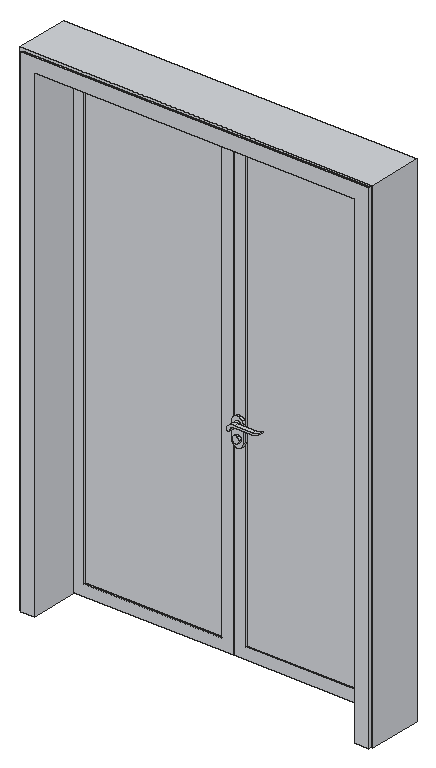
Revit family "Abertura da porta sem revestimento", category Portas, Revit 2019
Family settings
  Hospedeiro = Parede
  Número OmniClass = 23.30.10.00
  Título OmniClass = Doors
  Sempre na vertical = Sim
  Corte com vazios quando carregada = Não
  Compartilhado = Não
  Ponto de cálculo do ambiente = Não
Parameters (values of type "1500 x 2140mm")
  W1 = Espessura da moldura do painel + 6 mm  # 46 mm
  Visual Light Transmittance = 0
  Solar Heat Gain Coefficient = 0
  Rough Width = 1500 mm
  Rough Height = 2140 mm
  Material do painel = none
  Largura da moldura do painel = 50 mm
  Espessura da moldura do painel = 40 mm
  ID do tipo de construção = ""
  Coeficiente de transferência de calor (U) = 3.7021 W/(m²·K)
  Material do puxador = none
  Vidro = none
  Função = Exterior
  Height = Rough Height  # 2140 mm
  Fechamento da parede = Por hospedeiro
  Width = Rough Width  # 1500 mm
  Largura da estrutura = 50 mm
  Material da moldura = none
  Construção analítica = Metal
Types (5, lengths in mm): name | Rough Width | Material do painel | Width
  (no name) | 1500 | none | 1500
  1300 x 2140mm | 1300 | Veneziana | 1300
  1500 x 2140mm | 1500 | none | 1500
  1700 x 2140mm | 1700 | Veneziana | 1700
  1900 x 2140mm | 1900 | Veneziana | 1900
Reference planes
  plane 1: y = 0
  plane 2 "Centro (Esquerda/Direita)": x = 0
  plane 3 "Esquerda": x = -750
  plane 4 "Direita": x = 750
  plane 5: z = 2140
  plane 6 "Exterior": y = 125
  plane 7 "Interior": y = -125
  plane 8: z = 0
  plane 9: x = -700
  plane 10: x = 700
  plane 11: z = 2090
  plane 12: x = -680
  plane 13: x = 680
  plane 14: y = 79
  plane 15: y = -115
  plane 16: x = -740
  plane 17: x = -690
  plane 18: y = 115
Forms (mm)
  Sweep 1, solid, material <- "Material da moldura", detail levels medium
    path origin (0, 0, 0) x (1, 0, 0) y (0, 0, 1)
      loop
        line (-750, 0) -> (-750, 2140) -> (750, 2140) -> (750, 0)
    profile origin (-750, 0, 1070) x (-1, 0, 0) y (0, -1, 0)
      loop
        line (0, -125) -> (0, 125) -> (-50, 125) -> (-50, -125) -> (0, -125)
  Sweep 2, solid, material <- "Material da moldura", detail levels fine
    path origin (0, 125, 0) x (1, 0, 0) y (0, 0, 1)
      loop
        line (-750, 0) -> (-750, 2140) -> (750, 2140) -> (750, 0)
    profile origin (-750, 125, 1070) x (-1, 0, 0) y (0, -1, 0)
      loop
        line (-10, 0) -> (-10, 10) -> (0, 10) -> (0, 240) -> (-10, 240) -> (-10, 250) -> (-70, 250) -> (-70, 46) -> (-60, 46) -> (-60, 0) -> (-10, 0)
Lines and regions (mm)
  Opening 1
    outline origin (-3050, -125, 0) x (1, 0, 0) y (0, 0, 1)
      loop
        line (2300, 0) -> (3800, 0) -> (3800, 2140) -> (2300, 2140) -> (2300, 0)
Text (mm)
  text "Externo" at (-2295.016, 1099.543, 0), in view "Nível de referência"
  text "Externo" at (0, 1615.38, 3698.081), in view "Esquerda"
  text "Externo" at (0, 1036.032, 3874.932), in view "Direita"
Dimensions and locks
  equal spacing: plane 3 "Esquerda", plane 2 "Centro (Esquerda/Direita)", plane 4 "Direita"
  "Width": plane 3 "Esquerda" to plane 4 "Direita"
  "Height": plane 5 to host wall
  host wall to plane 5 = 2140 mm  (x2)
  locked: plane 6 "Exterior" to host wall at 0
  locked: plane 7 "Interior" to host wall
  "Largura da estrutura": plane 3 "Esquerda" to plane 9
  "Largura da estrutura": plane 10 to plane 4 "Direita"
  "Largura da estrutura": plane 11 to plane 5
  locked: plane 9 to plane 12 at 20
  locked: plane 13 to plane 10 at 20
  "W1": plane 14 to plane 6 "Exterior"
  locked: plane 15 to plane 7 "Interior" at 10
  locked: plane 3 "Esquerda" to plane 16 at 10
  equal spacing: plane 9, plane 17, plane 12
  locked: plane 6 "Exterior" to plane 18 at 10
  aligned and locked: plane 3 "Esquerda" to Opening 1 sketch curve
  aligned and locked: plane 5 to Opening 1 sketch curve  (x2)
  aligned and locked: Opening 1 sketch curve to plane 4 "Direita"
  aligned and locked: Opening 1 sketch curve to level
  aligned and locked: plane 1 to host wall
  aligned and locked: level to plane 8
  aligned and locked: plane 2 "Centro (Esquerda/Direita)" to nested 1
  aligned and locked: plane 6 "Exterior" to nested 1
  aligned and locked: nested 1 to plane 8
  aligned and locked: plane 2 "Centro (Esquerda/Direita)" to nested 2
  aligned and locked: nested 2 to plane 6 "Exterior"
  aligned and locked: plane 8 to nested 2
  aligned and locked: Sweep 1 sketch curve to plane 3 "Esquerda"
  aligned and locked: plane 5 to Sweep 1 sketch curve
  aligned and locked: plane 4 "Direita" to Sweep 1 sketch curve
  aligned and locked: Sweep 1 sketch curve to nested 2
  aligned and locked: Sweep 1 sketch curve to host wall  (x2)
  aligned and locked: Sweep 1 sketch curve to plane 9
  aligned and locked: Sweep 2 sketch curve to plane 3 "Esquerda"
  aligned and locked: plane 5 to Sweep 2 sketch curve
  aligned and locked: plane 4 "Direita" to Sweep 2 sketch curve
  aligned and locked: Sweep 2 sketch curve to plane 6 "Exterior"
  aligned and locked: plane 17 to Sweep 2 sketch curve
  aligned and locked: plane 14 to Sweep 2 sketch curve
  aligned and locked: Sweep 2 sketch curve to plane 16  (x2)
  aligned and locked: plane 18 to Sweep 2 sketch curve
  aligned and locked: plane 3 "Esquerda" to Sweep 2 sketch curve
  aligned and locked: plane 12 to Sweep 2 sketch curve
  aligned and locked: Sweep 2 sketch curve to plane 15
  aligned and locked: plane 7 "Interior" to Sweep 2 sketch curve
Automatic sketch dimensions
  Sweep 1 sketch curve to level = 0 mm  (x2)
  Sweep 2 sketch curve to level = 0 mm  (x2)
Nested families
  nested 1: "Veneziana_Painel" at (0, 125, 0), type "Veneziana_Painel"
    with Width 1500 mm, Meia largura 750 mm
  nested 2: "Veneziana_Painel" at (0, 125, 0) x (-1, 0, 0) z (0, 0, 1), type "Veneziana_Painel"
    with Visibilidade do puxador no, Width 1500 mm, Meia largura 750 mm
Definition of nested family "Veneziana_Painel"
  Parameters
    Width = 1300 mm
    W1 = Largura da estrutura + 13 mm  # 63 mm
    Largura da moldura do painel = 50 mm
    Espessura da moldura do painel = 40 mm
    Height = 2140 mm
    Visibilidade do puxador [instance] = yes
    Material do puxador = none
    Meia largura = 0.5 * Width  # 650 mm
    Material do painel = none
    Largura da estrutura = 50 mm
    Material da moldura = none
  Reference planes
    plane 1 "Centro (Frente/Trás)": y = 0
    plane 2: z = 0
    plane 3 "Centro (Esquerda/Direita)": x = 0
    plane 4: x = 650
    plane 5: y = -40
    plane 6: x = 50
    plane 7: x = 600
    plane 8: x = 550
    plane 9: z = 2140
    plane 10: z = 2090
    plane 11: z = 2040
    plane 12: z = 50
    plane 13: x = 600
    plane 14: z = 2090
    plane 15: x = 587
    plane 16: x = 537
    plane 17: y = -3
    plane 18: y = -43
    plane 19: z = 2077
    plane 20: z = 2027
    plane 21: z = 3
    plane 22: z = 53
    plane 23: y = 650
    plane 24: y = 600
    plane 25: y = 50
    plane 26: x = 610
    plane 27: x = 560
    plane 28: y = 600
    plane 29: y = 550
    plane 30: x = 547
    plane 31: y = 587
    plane 32: y = 537
    plane 33: x = 567
    plane 34: x = 555
    plane 35: x = 579
    plane 36: y = -8
    plane 37: y = -32
    plane 38: y = -11
    plane 39: y = -35
    plane 40: x = 618
    plane 41: x = 642
    plane 42: x = 568
    plane 43: x = 592
    plane 44: z = 1070
    plane 45: z = 1045
    plane 46: z = 1040
    plane 47: x = 25
    plane 48: y = -23
    plane 49: z = 900
  Forms (mm)
    Sweep 1, solid, material <- "Material da moldura", detail levels medium
      path origin (0, 0, 0) x (1, 0, 0) y (0, 0, 1)
        loop
          line (0, 2090) -> (0, 0) -> (600, 0) -> (600, 2090) -> (0, 2090)
      profile origin (300, 0, 2090) x (0, 0, 1) y (0, -1, 0)
        loop
          line (0, 0) -> (0, 40) -> (-50, 40) -> (-50, 0) -> (0, 0)
    Extrusion 2, solid, material <- "Material do painel", detail levels medium
      sketch origin (-56.656, -20, 1200) x (-1, 0, 0) y (0, 0, 1)
        loop
          line (-106.656, 840) -> (-606.656, 840) -> (-606.656, -1150) -> (-106.656, -1150) -> (-106.656, 840)
      from -12 to 12
    Sweep 3, solid, material <- "Material da moldura", detail levels coarse
      path origin (0, 0, 0) x (1, 0, 0) y (0, 0, 1)
        loop
          line (0, 2140) -> (0, 0) -> (650, 0) -> (650, 2140) -> (0, 2140)
      profile origin (325, 0, 2140) x (0, 0, 1) y (0, -1, 0)
        loop
          line (0, 40) -> (-50, 40) -> (-50, 0) -> (0, 0) -> (0, 40)
    Extrusion 4, solid, material <- "Material do painel", detail levels coarse
      sketch origin (-56.656, -20, 1200) x (-1, 0, 0) y (0, 0, 1)
        loop
          line (-106.656, 890) -> (-656.656, 890) -> (-656.656, -1150) -> (-106.656, -1150) -> (-106.656, 890)
      from -12 to 12
    Sweep 5, solid, material <- "Material da moldura", detail levels fine
      path origin (0, 0, 0) x (1, 0, 0) y (0, 0, 1)
        loop
          line (0, 2077) -> (0, 3) -> (587, 3) -> (587, 2077) -> (0, 2077)
      profile origin (293.5, 0, 2077) x (0, 0, 1) y (0, -1, 0)
        loop
          line (0, 43) -> (-50, 43) -> (-50, 3) -> (0, 3) -> (0, 43)
    Extrusion 6, solid, material <- "Material do painel", detail levels fine
      sketch origin (-56.656, -23, 1200) x (-1, 0, 0) y (0, 0, 1)
        loop
          line (-106.656, 827) -> (-593.656, 827) -> (-593.656, -1147) -> (-106.656, -1147) -> (-106.656, 827)
      from -12 to 12
  Lines and regions (mm)
    Masking region 1, detail levels coarse
      outline origin (0, 0, 0) x (1, 0, 0) y (0, 1, 0)
        loop
          line (610, 650) -> (610, 0) -> (650, 0) -> (650, 650) -> (610, 650)
    Masking region 2, detail levels medium
      outline origin (0, 0, 0) x (1, 0, 0) y (0, 1, 0)
        loop
          line (600, 600) -> (560, 600) -> (560, 0) -> (600, 0) -> (600, 600)
    Masking region 3, detail levels fine
      outline origin (0, 0, 0) x (1, 0, 0) y (0, 1, 0)
        loop
          line (547, 587) -> (547, 0) -> (587, 0) -> (587, 587) -> (547, 587)
    symbolic lines, detail levels coarse
      curve 1: line (610, 650, 0) -> (650, 650, 0)
      curve 2: line (610, 600, 0) -> (610, 650, 0)
      curve 3: line (650, 600, 0) -> (610, 600, 0)
      curve 4: line (650, 650, 0) -> (650, 600, 0)
      curve 5: line (610, 50, 0) -> (650, 50, 0)
      curve 6: line (610, 0, 0) -> (610, 50, 0)
      curve 7: line (650, 0, 0) -> (610, 0, 0)
      curve 8: line (650, 50, 0) -> (650, 0, 0)
      curve 9: line (610, 600, 0) -> (610, 50, 0)
      curve 10: line (650, 50, 0) -> (650, 600, 0)
      curve 11: arc (650, 650, 0) -> (190.381, 459.619, 0) -> (0, 0, 0) r 650
      curve 38: line (650, 0, 2140) -> (0, 0, 1070)
      curve 39: line (0, 0, 1070) -> (650, 0, 0)
    symbolic lines, detail levels medium
      curve 12: line (560, 50, 0) -> (600, 50, 0)
      curve 13: line (560, 0, 0) -> (560, 50, 0)
      curve 14: line (600, 0, 0) -> (560, 0, 0)
      curve 15: line (600, 50, 0) -> (600, 0, 0)
      curve 16: line (560, 600, 0) -> (600, 600, 0)
      curve 17: line (560, 550, 0) -> (560, 600, 0)
      curve 18: line (600, 550, 0) -> (560, 550, 0)
      curve 19: line (600, 600, 0) -> (600, 550, 0)
      curve 20: line (560, 550, 0) -> (560, 50, 0)
      curve 21: line (600, 50, 0) -> (600, 550, 0)
      curve 22: arc (0, 0, 0) -> (175.736, 424.264, 0) -> (600, 600, 0) r 600
      curve 36: line (568, 550, 0) -> (568, 50, 0)
      curve 37: line (592, 550, 0) -> (592, 50, 0)
      curve 40: line (600, 0, 2090) -> (0, 0, 1045)
      curve 41: line (0, 0, 1045) -> (600, 0, 0)
    symbolic lines, detail levels fine
      curve 23: line (547, 587, 0) -> (587, 587, 0)
      curve 24: line (547, 537, 0) -> (547, 587, 0)
      curve 25: line (587, 537, 0) -> (547, 537, 0)
      curve 26: line (587, 587, 0) -> (587, 537, 0)
      curve 27: line (547, 50, 0) -> (587, 50, 0)
      curve 28: line (547, 0, 0) -> (547, 50, 0)
      curve 29: line (587, 0, 0) -> (547, 0, 0)
      curve 30: line (587, 50, 0) -> (587, 0, 0)
      curve 31: line (547, 537, 0) -> (547, 50, 0)
      curve 32: line (587, 50, 0) -> (587, 537, 0)
      curve 33: arc (587, 587, 0) -> (171.928, 415.072, 0) -> (0, 0, 0) r 587
      curve 34: line (555, 537, 0) -> (555, 50, 0)
      curve 35: line (579, 50, 0) -> (579, 537, 0)
      curve 42: line (587, 0, 2077) -> (0, 0, 1040)
      curve 43: line (0, 0, 1040) -> (587, 0, 3)
  Dimensions and locks
    "Meia largura": plane 3 "Centro (Esquerda/Direita)" to plane 4
    "Largura da moldura do painel": plane 3 "Centro (Esquerda/Direita)" to plane 6
    "Espessura da moldura do painel": plane 5 to plane 1 "Centro (Frente/Trás)"
    "Largura da estrutura": plane 7 to plane 4
    "Largura da moldura do painel": plane 8 to plane 7
    "Height": plane 9 to plane 2
    "Largura da estrutura": plane 9 to plane 10
    "Largura da moldura do painel": plane 10 to plane 11
    "Largura da moldura do painel": plane 12 to plane 2
    "Largura da moldura do painel": plane 13 to plane 4
    "Largura da moldura do painel": plane 9 to plane 14
    "W1": plane 15 to plane 4
    "Largura da moldura do painel": plane 16 to plane 15
    plane 17 to plane 1 "Centro (Frente/Trás)" = 3 mm
    "Espessura da moldura do painel": plane 17 to plane 18
    "W1": plane 9 to plane 19
    "Largura da moldura do painel": plane 19 to plane 20
    locked: plane 21 to plane 2 at 3
    "Largura da moldura do painel": plane 22 to plane 21
    "Meia largura": plane 23 to plane 1 "Centro (Frente/Trás)"
    "Largura da moldura do painel": plane 23 to plane 24
    "Largura da moldura do painel": plane 25 to plane 1 "Centro (Frente/Trás)"
    "Espessura da moldura do painel": plane 26 to plane 4
    "Espessura da moldura do painel": plane 27 to plane 7
    "Largura da estrutura": plane 23 to plane 28
    "Largura da moldura do painel": plane 28 to plane 29
    "Espessura da moldura do painel": plane 30 to plane 15
    "W1": plane 23 to plane 31
    "Largura da moldura do painel": plane 31 to plane 32
    equal spacing: plane 30, plane 33, plane 15
    locked: plane 37 to plane 5 at 8
    locked: plane 36 to plane 1 "Centro (Frente/Trás)" at 8
    locked: plane 17 to plane 38 at 8
    locked: plane 39 to plane 18 at 8
    locked: plane 26 to plane 40 at 8
    locked: plane 41 to plane 4 at 8
    locked: plane 30 to plane 34 at 8
    locked: plane 35 to plane 15 at 8
    locked: plane 27 to plane 42 at 8
    locked: plane 43 to plane 7 at 8
    equal spacing: plane 2, plane 44, plane 9
    equal spacing: plane 2, plane 45, plane 10
    equal spacing: plane 21, plane 46, plane 19
    equal spacing: plane 3 "Centro (Esquerda/Direita)", plane 47, plane 6
    equal spacing: plane 17, plane 48, plane 18
    locked: plane 49 to plane 2 at 900
    aligned and locked: level to plane 2
    aligned and locked: Sweep 1 sketch curve to plane 10
    aligned and locked: plane 3 "Centro (Esquerda/Direita)" to Sweep 1 sketch curve
    aligned and locked: plane 2 to Sweep 1 sketch curve
    aligned and locked: Sweep 1 sketch curve to plane 7
    aligned and locked: Sweep 1 sketch curve to profile plane  (x2)
    aligned and locked: Sweep 1 sketch curve to plane 11
    aligned and locked: Sweep 1 sketch curve to plane 5
    aligned and locked: Extrusion 2 sketch curve to Sweep 1  (x4)
    aligned and locked: Sweep 3 sketch curve to plane 9
    aligned and locked: plane 3 "Centro (Esquerda/Direita)" to Sweep 3 sketch curve
    aligned and locked: plane 2 to Sweep 3 sketch curve
    aligned and locked: Sweep 3 sketch curve to plane 4
    aligned and locked: profile plane to Sweep 3 sketch curve  (x2)
    aligned and locked: plane 5 to Sweep 3 sketch curve
    aligned and locked: plane 14 to Sweep 3 sketch curve
    aligned and locked: Extrusion 4 sketch curve to Sweep 3  (x3)
    aligned and locked: Sweep 5 sketch curve to plane 19
    aligned and locked: plane 3 "Centro (Esquerda/Direita)" to Sweep 5 sketch curve
    aligned and locked: plane 21 to Sweep 5 sketch curve
    aligned and locked: Sweep 5 sketch curve to plane 15
    aligned and locked: profile plane to Sweep 5 sketch curve
    aligned and locked: plane 18 to Sweep 5 sketch curve
    aligned and locked: plane 20 to Sweep 5 sketch curve
    aligned and locked: Sweep 5 sketch curve to plane 17
    aligned and locked: Extrusion 6 sketch curve to Sweep 5  (x4)
    aligned and locked: Masking region 1 sketch curve to plane 23
    aligned and locked: Masking region 1 sketch curve to plane 26
    aligned and locked: Masking region 1 sketch curve to Sweep 3  (x2)
    aligned and locked: curve 1 to plane 23
    aligned and locked: curve 2 to plane 26
    aligned and locked: plane 24 to curve 3
    aligned and locked: curve 4 to plane 4
    aligned and locked: curve 5 to plane 25
    aligned and locked: curve 6 to plane 26
    aligned and locked: curve 7 to Sweep 3
    aligned and locked: plane 4 to curve 10
    aligned and locked: plane 1 "Centro (Frente/Trás)" to curve 11
    aligned and locked: plane 4 to curve 11
    aligned and locked: plane 7 to Masking region 2 sketch curve
    aligned and locked: plane 1 "Centro (Frente/Trás)" to Masking region 2 sketch curve
    aligned and locked: Masking region 2 sketch curve to plane 27
    aligned and locked: curve 12 to plane 25
    aligned and locked: plane 27 to curve 13
    aligned and locked: curve 14 to Sweep 1
    aligned and locked: plane 28 to Masking region 2 sketch curve
    aligned and locked: curve 16 to plane 28
    aligned and locked: plane 27 to curve 17
    aligned and locked: plane 29 to curve 18
    aligned and locked: curve 19 to plane 7
    aligned and locked: plane 7 to curve 21
    aligned and locked: plane 7 to curve 22
    aligned and locked: Masking region 3 sketch curve to plane 31
    aligned and locked: plane 30 to Masking region 3 sketch curve
    aligned and locked: Masking region 3 sketch curve to plane 1 "Centro (Frente/Trás)"
    aligned and locked: Masking region 3 sketch curve to plane 15
    aligned and locked: curve 23 to plane 31
    aligned and locked: plane 30 to curve 24
    aligned and locked: plane 32 to curve 25
    aligned and locked: curve 26 to plane 15
    aligned and locked: curve 27 to plane 25
    aligned and locked: plane 30 to curve 28
    aligned and locked: curve 29 to plane 1 "Centro (Frente/Trás)"
    aligned and locked: plane 15 to curve 32
    aligned and locked: plane 1 "Centro (Frente/Trás)" to curve 33
    aligned and locked: plane 15 to curve 33
    aligned and locked: curve 34 to plane 34
    aligned and locked: curve 35 to plane 35
    aligned and locked: Extrusion 4 to plane 36
    aligned and locked: Extrusion 4 to plane 37
    aligned and locked: Extrusion 2 to plane 36
    aligned and locked: Extrusion 2 to plane 37
    aligned and locked: Extrusion 6 to plane 39
    aligned and locked: plane 38 to Extrusion 6
    aligned and locked: curve 36 to plane 42
    aligned and locked: plane 43 to curve 37
    aligned and locked: plane 2 to curve 39
    aligned and locked: plane 4 to curve 39
    aligned and locked: plane 44 to curve 39
    aligned and locked: plane 3 "Centro (Esquerda/Direita)" to curve 39
    aligned and locked: plane 9 to curve 38
    aligned and locked: plane 4 to curve 38
    aligned and locked: plane 2 to curve 41
    aligned and locked: plane 7 to curve 41
    aligned and locked: plane 45 to curve 41
    aligned and locked: plane 3 "Centro (Esquerda/Direita)" to curve 41
    aligned and locked: plane 10 to curve 40
    aligned and locked: plane 7 to curve 40
    aligned and locked: plane 21 to curve 43
    aligned and locked: plane 15 to curve 43
    aligned and locked: plane 46 to curve 43
    aligned and locked: plane 3 "Centro (Esquerda/Direita)" to curve 43
    aligned and locked: plane 19 to curve 42
    aligned and locked: plane 15 to curve 42
    aligned and locked: plane 47 to nested 1
    aligned and locked: nested 1 to plane 48
    aligned and locked: plane 49 to nested 1
  Automatic sketch dimensions
    Extrusion 4 sketch curve to plane 12 = 0 mm
  Nested families
    nested 1: "Maçaneta da porta 2" at (25, -23, 900), visible <- "Visibilidade do puxador", type "Maçaneta da porta 2", detail levels fine
      with Espessura do painel 40 mm
  Definition of nested family "Maçaneta da porta 2"
    Parameters
      Espessura do painel = 50 mm
      Material do puxador = none
      Function = (empty or 0)
    Reference planes
      plane 1 "Centro (Frente/Trás)": y = 0
      plane 2: z = 0
      plane 3 "Centro (Esquerda/Direita)": x = 0
      plane 4: y = 25
      plane 5: y = -25
      plane 6: z = -147.114
      plane 7: y = 65
      plane 8: z = -60
      plane 9: y = -65
      plane 10: z = -60
    Forms (mm)
      Extrusion 1, solid, material <- "Material do puxador"
        sketch origin (0, -25, 0) x (-1, 0, 0) y (0, 0, -1)
          loop
            line (25, 0) -> (25, 70)
            arc (25, 70) -> (0, 95) -> (-25, 70) r 25
            line (-25, 70) -> (-25, 0)
            arc (-25, 0) -> (0, -25) -> (25, 0) r 25
        from 0 to 10
      Extrusion 2, solid, material <- "Material do puxador"
        sketch origin (0, 25, 0) x (-1, 0, 0) y (0, 0, -1)
          loop
            line (25, 0) -> (25, 70)
            arc (25, 70) -> (0, 95) -> (-25, 70) r 25
            line (-25, 70) -> (-25, 0)
            arc (-25, 0) -> (0, -25) -> (25, 0) r 25
        from 0 to -10
      Extrusion 3, solid, material <- "Material do puxador"
        sketch origin (0, -25, 0) x (-1, 0, 0) y (0, 0, -1)
          loop
            circle (0, 0) r 8
        from 10 to 40
      Extrusion 4, solid, material <- "Material do puxador"
        sketch origin (0, 20, 0) x (-1, 0, 0) y (0, 0, 1)
          loop
            circle (0, 0) r 8
        from 15 to 45
      Extrusion 5, solid, material <- "Material do puxador"
        sketch origin (0, -65, 0) x (1, 0, 0) y (0, 0, 1)
          loop
            arc (-6.508, 4.652) -> (-2.443, -7.618) -> (8, 0) r 8
            arc (8, 0) -> (14.532, 9.391) -> (25.386, 13) r 18.126
            line (25.386, 13) -> (101.644, 13)
            arc (101.644, 13) -> (116.41, 15.798) -> (130, 22.214) r 59.379
            line (130, 22.214) -> (130, 25)
            arc (130, 25) -> (116.04, 21.265) -> (101.644, 20) r 83.285
            line (101.644, 20) -> (25.367, 20)
            arc (25.367, 20) -> (7.493, 16.348) -> (-6.508, 4.652) r 37.283
        from 0 to 20
      Extrusion 6, solid, material <- "Material do puxador"
        sketch origin (0, 65, 0) x (1, 0, 0) y (0, 0, -1)
          loop
            arc (8, 0) -> (-2.443, 7.618) -> (-6.508, -4.652) r 8
            arc (-6.508, -4.652) -> (7.493, -16.348) -> (25.367, -20) r 37.283
            line (25.367, -20) -> (101.644, -20)
            arc (101.644, -20) -> (116.04, -21.265) -> (130, -25) r 83.285
            line (130, -25) -> (130, -22.214)
            arc (130, -22.214) -> (116.41, -15.798) -> (101.644, -13) r 59.379
            line (101.644, -13) -> (25.386, -13)
            arc (25.386, -13) -> (14.532, -9.391) -> (8, 0) r 18.126
        from 0 to 20
      Extrusion 7, solid, material <- "Material do puxador"
        sketch origin (0, -35, 10) x (-1, 0, 0) y (0, 0, -1)
          loop
            circle (0, 70) r 15
        from 0 to 10
      Extrusion 8, solid, material <- "Material do puxador"
        sketch origin (0, 35, 0) x (-1, 0, 0) y (0, 0, 1)
          loop
            circle (0, -60) r 15
        from 0 to 10
    Dimensions and locks
      equal spacing: plane 5, plane 1 "Centro (Frente/Trás)", plane 4
      "Espessura do painel": plane 5 to plane 4
      locked: plane 4 to plane 7 at 40
      locked: plane 9 to plane 5 at 40
      locked: Extrusion 6 to plane 7 at 20
      locked: plane 9 to Extrusion 5 at 20
      locked: plane 2 to plane 10 at 60
      aligned and locked: Extrusion 3 to Extrusion 1
      aligned and locked: Extrusion 4 to Extrusion 2
      aligned and locked: plane 7 to Extrusion 6
      aligned and locked: Extrusion 4 to plane 7
      aligned and locked: plane 9 to Extrusion 5
    Automatic sketch dimensions
      Extrusion 3 sketch curve to level = 0 mm
      Extrusion 3 sketch curve to plane 3 "Centro (Esquerda/Direita)" = 0 mm
      Extrusion 4 sketch curve to level = 0 mm
      Extrusion 4 sketch curve to plane 3 "Centro (Esquerda/Direita)" = 0 mm
      Extrusion 5 sketch curve to level = 0 mm  (x2)
      Extrusion 5 sketch curve to plane 3 "Centro (Esquerda/Direita)" = 0 mm
      Extrusion 5 sketch curve to plane 3 "Centro (Esquerda/Direita)" = 6.508 mm
      plane 3 "Centro (Esquerda/Direita)" to Extrusion 5 sketch curve = 8 mm
      Extrusion 5 sketch curve to level = 17.244 mm
      Extrusion 5 sketch curve to Extrusion 5 sketch curve = 15.668 mm
      level to Extrusion 5 sketch curve = 20 mm
      Extrusion 5 sketch curve to Extrusion 5 sketch curve = 0.019 mm
      Extrusion 5 sketch curve to Extrusion 5 sketch curve = 28.356 mm
      Extrusion 5 sketch curve to Extrusion 5 sketch curve = 0 mm
      Extrusion 5 sketch curve to level = 5.126 mm
      level to Extrusion 5 sketch curve = 22.214 mm
      Extrusion 5 sketch curve to Extrusion 5 sketch curve = 2.786 mm
      Extrusion 5 sketch curve to Extrusion 5 sketch curve = 72.693 mm
      Extrusion 5 sketch curve to Extrusion 5 sketch curve = 3.517 mm
      Extrusion 5 sketch curve to Extrusion 5 sketch curve = 3.583 mm
      Extrusion 6 sketch curve to level = 0 mm
      Extrusion 6 sketch curve to plane 3 "Centro (Esquerda/Direita)" = 0 mm
      level to Extrusion 6 sketch curve = 4.652 mm
      Extrusion 6 sketch curve to plane 3 "Centro (Esquerda/Direita)" = 6.508 mm
      Extrusion 6 sketch curve to level = 17.244 mm
      Extrusion 6 sketch curve to Extrusion 6 sketch curve = 15.668 mm
      Extrusion 6 sketch curve to Extrusion 6 sketch curve = 0.019 mm
      Extrusion 6 sketch curve to level = 5.126 mm
      Extrusion 6 sketch curve to Extrusion 6 sketch curve = 1.719 mm
      Extrusion 6 sketch curve to Extrusion 6 sketch curve = 72.693 mm
      Extrusion 6 sketch curve to Extrusion 6 sketch curve = 3.517 mm
      Extrusion 6 sketch curve to Extrusion 6 sketch curve = 3.583 mm
      Extrusion 6 sketch curve to Extrusion 6 sketch curve = 0 mm
      level to Extrusion 6 sketch curve = 22.214 mm
      Extrusion 6 sketch curve to Extrusion 6 sketch curve = 28.356 mm
      Extrusion 6 sketch curve to Extrusion 6 sketch curve = 2.786 mm
      Extrusion 1 sketch curve to plane 3 "Centro (Esquerda/Direita)" = 0 mm
      Extrusion 1 sketch curve to level = 0 mm
      Extrusion 1 sketch curve to plane 3 "Centro (Esquerda/Direita)" = 25 mm
      level to Extrusion 1 sketch curve = 70 mm
      Extrusion 2 sketch curve to level = 0 mm
      Extrusion 2 sketch curve to plane 3 "Centro (Esquerda/Direita)" = 0 mm
      Extrusion 2 sketch curve to plane 3 "Centro (Esquerda/Direita)" = 25 mm
      level to Extrusion 2 sketch curve = 70 mm
      Extrusion 7 sketch curve to plane 3 "Centro (Esquerda/Direita)" = 0 mm
      level to Extrusion 7 sketch curve = 60 mm
      Extrusion 8 sketch curve to plane 3 "Centro (Esquerda/Direita)" = 0 mm
      Extrusion 8 sketch curve to plane 8 = 0 mm
      radius of Extrusion 3 sketch curve = 8 mm
      radius of Extrusion 4 sketch curve = 8 mm
      radius of Extrusion 7 sketch curve = 15 mm
      radius of Extrusion 8 sketch curve = 15 mm
